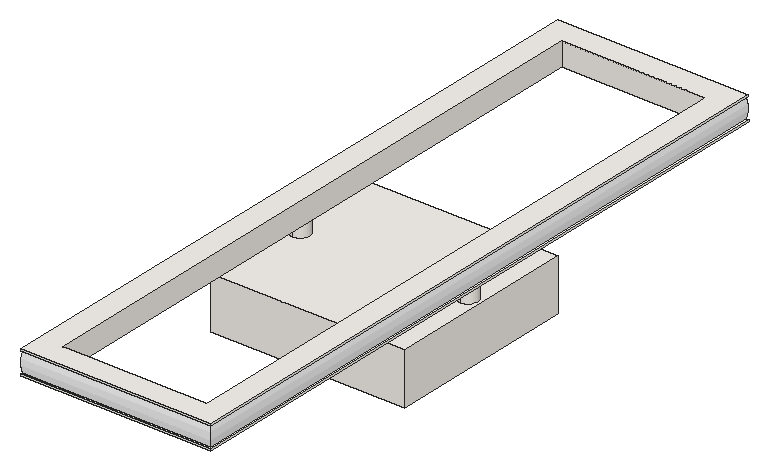
Revit family "AFX-Cole-Sconce", category Lighting Fixtures, host Face, Revit 2020
Family settings
  Host = Face
  Round Connector Dimension = Use Diameter
  Part Type = Normal
  Cut with Voids When Loaded = No
  Light Source = Yes
  Shared = No
  Room Calculation Point = No
Parameters (values of type "COLS0518L30D1")
  Width = 5 31/256"
  Wattage Comments = "19W"
  Wattage = 19 W
  built-in parameter 1150110 = 1 (stored number, unit not read)
  Voltage = 120 V
  URL = "https://www.afxinc.com/"
  Type Comments = "COLE"  # constant formula
  built-in parameter 1114217 = 1 (stored number, unit not read)
  Tilt Angle = 90.00°
  built-in parameter 1150109 = 1 (stored number, unit not read)
  built-in parameter 1150134 = (empty or 0)
  built-in parameter 1150113 = 1 (stored number, unit not read)
  Screen Finish = AFX - Diffuser
  Revit Model Built By = "https://servex-us.com/servex-revit/"
  Product Documentation Link = "https://www.afxinc.com/products/productDetail.cfm?productID=1221"
  Photometric Web File = "COLS0518L30D1xx_IES.IES"
  Model = "COLS0518L30D1"
  Manufacturer = "AFX Inc"  # constant formula
  built-in parameter 1150105 = 421.73 (stored number, unit not read)
  Lumens = 2822.3 lm
  built-in parameter 1150115 = 1 (stored number, unit not read)
  built-in parameter 1150137 = (empty or 0)
  built-in parameter 1150139 = (empty or 0)
  Length = 18"
  built-in parameter 1150112 = 1 (stored number, unit not read)
  built-in parameter 1150114 = 1 (stored number, unit not read)
  Lamp = "LED"
  built-in parameter 1150132 = (empty or 0)
  built-in parameter 1150102 = (empty or 0)
  built-in parameter 1150107 = 3000 (stored number, unit not read)
  built-in parameter 1150138 = (empty or 0)
  built-in parameter 1150106 = 4.2173 (stored number, unit not read)
  Emit from Rectangle Width = Width  # 5 31/256"
  Emit from Rectangle Length = Length  # 18"
  Emit Shape Visible in Rendering = no
  built-in parameter 1150104 = 13.8 (stored number, unit not read)
  Dimming Lamp Color Temperature Shift = <None>
  Description = "18\" Led Wall Sconce"
  Depth = 2 105/256"
  Default Elevation = 48"
  Color Rendering Index = 90
  Color Filter = 16777215
  Body Finish = AFX - Satin Nickel
  built-in parameter 1114218 = 1 (stored number, unit not read)
  built-in parameter 1150133 = 10 (stored number, unit not read)
  Assembly Code = "D5020200"
  Apparent Load = 0 VA
Reference planes (in)
  plane 1 "Center (Front/Back)": y = 0
  plane 2: z = 0
  plane 3 "Center (Left/Right)": x = 0
  plane 4: y = 9.00394
  plane 5: y = -8.99606
  plane 6: x = -2.56055
  plane 7: x = 2.56055
  plane 8: z = 2.41016
  plane 9: z = 1.78023
  plane 10: z = 1.38653
  plane 11: z = 2.0952
Forms (in)
  Sweep 1, solid, material "AFX - Satin Nickel" <- "Body Finish"
    path origin (0, 8.30332, 2.41016) x (0, 1, 0) y (-1, 0, 0)
      loop
        line (0.70061, 2.56055) -> (-17.29939, 2.56055) -> (-17.29939, -2.56055) -> (0.70061, -2.56055) -> (0.70061, 2.56055)
    profile origin (0, 9.00394, 2.41016) x (0, 1, 0) y (0, 0, 1)
      loop
        line (0, -0.03125) -> (0, 0) -> (-0.62992, 0) -> (-0.62992, -0.62992) -> (0, -0.62992) -> (0, -0.59867) -> (-0.04112, -0.56988) -> (-0.58648, -0.56988) -> (-0.58648, -0.06004) -> (-0.04112, -0.06004) -> (0, -0.03125)
  Sweep 2, solid, material "AFX - Diffuser" <- "Screen Finish"
    path origin (0, 8.30332, 2.41016) x (0, 1, 0) y (-1, 0, 0)
      loop
        line (0.70061, 2.56055) -> (-17.29939, 2.56055) -> (-17.29939, -2.56055) -> (0.70061, -2.56055) -> (0.70061, 2.56055)
    profile origin (0, 9.00394, 2.41016) x (0, 1, 0) y (0, 0, 1)
      loop
        line (-0.0327, -0.0494) -> (-0.06494, -0.0494)
        arc (-0.06494, -0.0494) -> (-0.03126, -0.30948) -> (-0.06225, -0.56988) r 1.06352
        line (-0.06225, -0.56988) -> (-0.03009, -0.56988)
        arc (-0.03009, -0.56988) -> (-0.00001, -0.30949) -> (-0.0327, -0.0494) r 1.09477
  Extrusion 3, solid, material "AFX - Satin Nickel" <- "Body Finish"
    sketch origin (0, 0, 0) x (1, 0, 0) y (0, 1, 0)
      loop
        line (-2.59992, 2.55709) -> (-2.59992, -2.56102) -> (2.59992, -2.56102) -> (2.59992, 2.55709) -> (-2.59992, 2.55709)
    from 0 to 1.38653
  Extrusion 4, solid, material "AFX - Satin Nickel" <- "Body Finish"
    sketch origin (0, 2.55709, 1.38653) x (0, 1, 0) y (-1, 0, 0)
      loop
        circle (-2.55709, 2.24792) r 0.25037
      loop
        circle (-2.55709, -2.24792) r 0.25037
    from 0 to 0.3937
Dimensions and locks (in)
  plane 5 to plane 1 "Center (Front/Back)" to plane 4 = 8.99606", 9.00394"
  "Width": plane 6 to plane 7
  equal spacing: plane 6, plane 3 "Center (Left/Right)", plane 7
  "Length": plane 4 to plane 5
  plane 8 to plane 9 to plane 10 = 0.62992" locked, 0.3937" locked
  "Depth": plane 8 to plane 2
  equal spacing: plane 8, plane 11, plane 9
  equal spacing: Extrusion 4 sketch curve, plane 3 "Center (Left/Right)", Extrusion 4 sketch curve
  aligned and locked: plane 2 to host face
  aligned and locked: level to host face
  aligned and locked: imposter light to plane 11
  aligned and locked: imposter light to plane 3 "Center (Left/Right)"
  aligned and locked: imposter light to plane 1 "Center (Front/Back)"
  aligned and locked: Sweep 1 sketch curve to plane 4
  aligned and locked: Sweep 1 sketch curve to plane 5
  aligned and locked: Sweep 1 sketch curve to plane 7
  aligned and locked: Sweep 1 sketch curve to plane 6
  aligned and locked: Sweep 1 sketch curve to profile plane
  aligned and locked: Sweep 2 sketch curve to plane 4
  aligned and locked: plane 6 to Sweep 2 sketch curve
  aligned and locked: Sweep 2 sketch curve to Sweep 1  (x3)
  aligned and locked: Extrusion 3 to plane 2
  aligned and locked: plane 10 to Extrusion 3
  aligned and locked: plane 1 "Center (Front/Back)" to Extrusion 4 sketch curve  (x2)
  aligned and locked: Extrusion 4 to plane 10
  aligned and locked: plane 9 to Extrusion 4
Automatic sketch dimensions
  host sketch curve to host sketch curve = 96"  (x2)
  Sweep 1 sketch curve to profile plane = 0"  (x2)
  profile plane to Sweep 1 sketch curve = 0.04112"  (x2)
  Sweep 1 sketch curve to plane 8 = 0.06004"
  Sweep 1 sketch curve to Sweep 1 sketch curve = 0.54536"
  Sweep 1 sketch curve to Sweep 1 sketch curve = 0.04345"
  Sweep 1 sketch curve to Sweep 1 sketch curve = 0.50984"
  Sweep 1 sketch curve to Sweep 1 sketch curve = 0.02879"
  Sweep 1 sketch curve to Sweep 1 sketch curve = 1/32"  (x2)
  profile plane to Sweep 2 sketch curve = 0.06494"
  profile plane to Sweep 2 sketch curve = 0.03009"
  Sweep 2 sketch curve to Sweep 2 sketch curve = 0.03224"
  Sweep 2 sketch curve to plane 8 = 0.0494"
  Sweep 2 sketch curve to Sweep 2 sketch curve = 0.03216"
  Sweep 2 sketch curve to Sweep 2 sketch curve = 0"  (x2)
  Extrusion 3 sketch curve to plane 6 = 0.03937"
  Extrusion 3 sketch curve to plane 7 = 0.03937"
  plane 1 "Center (Front/Back)" to Extrusion 3 sketch curve = 2.56102"
  Extrusion 3 sketch curve to plane 1 "Center (Front/Back)" = 2.55709"
  plane 7 to Extrusion 4 sketch curve = 0.31262"
  radius of Extrusion 4 sketch curve = 0.25037"  (x2)
Connectors (in)
  electrical at (0, -0.00197, 0), driven by "Voltage", driven by "Apparent Load"
    settings: on Extrusion 3, index 1, voltage 120 V, apparent load 0 VA, apparent load phase1 0 VA, apparent load phase2 0 VA, apparent load phase3 0 VA, power factor 1, load classification "Lighting", number of poles 1, system type 31, power factor state 1, is connector primary yes, connector utility no, sub classification motor no, connector description ""
